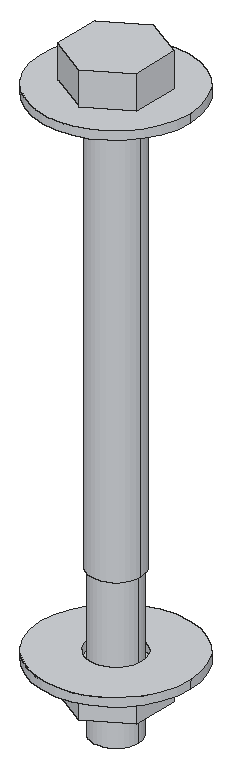
Revit family "Generic ISO Metric Bolt Assembly Geometry", category Generic Models, Revit 2022
Family settings
  Can host rebar = No
  Round Connector Dimension = Use Diameter
  Part Type = Normal
  Work Plane-Based = No
  Always vertical = No
  Cut with Voids When Loaded = No
  Maintain Annotation Orientation = No
  Shared = No
  Room Calculation Point = No
Parameters (values of type "generic")
  pg2l = if(LG < 23 mm, 2, if(LG < 100 mm, 5, 10))  # 10
  cu = round((0.1453 * (D / 1 mm) + 0.3479) * pu) / pu * 1 mm  # 2 mm
  cdu3 = 3 * D + round(0) * 1 mm  # 36 mm
  u = cu  # 2 mm
  cdu2 = round(1.8508 * D / 1 mm + 0.7401) * 1 mm  # 23 mm
  cdu1 = if(D < 11 mm, round(10 * 1.0382 * D / 1 mm + 0.1206) / 10 * 1 mm, D + 1 mm)  # 13 mm
  tabG2L = "Generic ISO Metric Bolt Assembly -- Grip to Length"  # constant formula
  s = size_lookup(tabMGeo, "s", cs, D)  # 19 mm
  ck = round(2 * (0.6216 * D / 1 mm + 0.2961)) / 2 * 1 mm  # 8 mm
  g2l = size_lookup(tabG2L, "l", LG + 2 * u + 2 * k, D, round(LG / 1 mm / pg2l) * pg2l * 1 mm)  # 140 mm
  pu = if(D < 10 mm, 10, if(D < 16 mm, 2, 1))  # 2
  pP = if(D < 6 mm, 10, if(D < 14 mm, 4, 2))  # 4
  cd2 = D - 3 * sqrt(3) / 8 * P  # 10.863 mm
  cb4 = 2 * D + 25 mm + round(0) * 1 mm  # 49 mm
  cb3 = 2 * D + 12 mm + round(0) * 1 mm  # 36 mm
  cb2 = 2 * D + 6 mm + round(0) * 1 mm  # 30 mm
  cb = if(Shank, if(l < 125 mm, cb2, if(l < 200 mm, cb3, cb4)), l - ca)  # 36 mm
  ca = round(2 * (0.7122 * (D / 1 mm) ^ 0.7822)) / 2 * 1 mm  # 5 mm
  Default Elevation = 0 mm
  cP = round(0.2365 * (D / 1 mm) ^ 0.7831 * pP) / pP * 1 mm  # 1.75 mm
  URL = "https://www.b-tu.de/en/fg-kommunikationstechnik/team/staff/prof-dr-ing-habil-matthias-wolff"
  P = size_lookup(tabMGeo, "P", cP, D)  # 1.75 mm
  Large Washers = yes
  LG = 120 mm
  cH = sqrt(3) / 2 * P  # 1.516 mm
  Manufacturer = "Matthias Wolff"  # constant formula
  D = 12 mm
  ru1 = cdu1 / 2  # 6.5 mm
  R = D / 2 + round(0) * 1 mm  # 6 mm
  tabMGeo = "ISO Metric Screw Thread"  # constant formula
  g = LG + round(0) * 1 mm  # 120 mm
  cs = round(1.5095 * D / 1 mm + 0.6456) * 1 mm  # 19 mm
  Grip = yes
  Thread Material = none
  Material = none
  l = if(Grip, g2l, LG)  # 140 mm
  r2 = cd2 / 2  # 5.432 mm
  k = size_lookup(tabMGeo, "k", ck, D)  # 8 mm
  ru2 = if(Large Washers, cdu3 / 2, cdu2 / 2)  # 18 mm
  Shank = yes
  Description = "Geometry of an ISO metric bolt assembly with washers and hex cap and nut"  # constant formula
Reference planes
  plane 1 "Mitte (Vorne/hinten)": y = 0
  plane 2 "Reference plane": z = 0
  plane 3 "Mitte (Links/rechts)": x = 0
  plane 4 "Head bottom": z = 2
  plane 5 "Head top": z = 10
  plane 6 "Lower washer top": z = -120
  plane 7 "Nut top": z = -122
  plane 8 "Nut bottom": z = -130
  plane 9 "Bolt bottom": z = -138
  plane 10 "Shank end": z = -102
  plane 11 "ru1": x = 6.5
  plane 12 "ru2": x = 18
  plane 13 "R": x = 6
  plane 14 "r2": x = 5.432
  plane 15 "Simplified bolt end": z = -138
Forms (mm)
  Sweep 1, solid, material <- "Material", detail levels medium+fine
    path origin (0, 0, 0) x (1, 0, 0) y (0, 0, 1)
      loop
        line (0, 2) -> (0, 10)
    profile "Hexagonal Profile : generic" origin (0, 0, 6) x (-1, 0, 0) y (0, -1, 0)
      loop
        line (-9.5, 5.485) -> (-9.5, -5.485) -> (0, -10.97) -> (9.5, -5.485) -> (9.5, 5.485) -> (0, 10.97) -> (-9.5, 5.485)
  Sweep 2, solid, material <- "Material", visible <- "Grip", detail levels medium+fine
    path origin (0, 0, -109.5) x (1, 0, 0) y (0, 0, 1)
      loop
        line (0, -20.5) -> (0, -12.5)
    profile "Hexagonal Profile : generic" origin (0, 0, -126) x (-1, 0, 0) y (0, -1, 0)
      loop
        line (-9.5, 5.485) -> (-9.5, -5.485) -> (0, -10.97) -> (9.5, -5.485) -> (9.5, 5.485) -> (0, 10.97) -> (-9.5, 5.485)
  Extrusion 3, void
    sketch origin (0, 0, 0) x (1, 0, 0) y (0, 1, 0)
      loop
        circle (0, 0) r 5.432
    from -130 to -122
  Extrusion 4, solid, material <- "Material", detail levels medium+fine
    sketch origin (0, 0, 0) x (1, 0, 0) y (0, 1, 0)
      loop
        circle (0, 0) r 18
      loop
        circle (0, 0) r 6.5
    from 0 to 2
  Extrusion 5, solid, material <- "Material", visible <- "Grip", detail levels medium+fine
    sketch origin (0, 0, 0) x (1, 0, 0) y (0, 1, 0)
      loop
        circle (0, 0) r 18
      loop
        circle (0, 0) r 6.5
    from -122 to -120
  Extrusion 6, solid, material <- "Material", detail levels fine
    sketch origin (0, 0, 0) x (1, 0, 0) y (0, 1, 0)
      loop
        circle (0, 0) r 6
    from -102 to 2
  Extrusion 7, solid, material <- "Thread Material", detail levels fine
    sketch origin (0, 0, 0) x (1, 0, 0) y (0, 1, 0)
      loop
        circle (0, 0) r 5.432
    from -138 to -102
  Extrusion 8, solid, material <- "Material", visible <- "Grip", detail levels medium
    sketch origin (0, 0, 0) x (1, 0, 0) y (0, 1, 0)
      loop
        circle (0, 0) r 5.432
    from -138 to -120
Cuts and joins
  Extrusion 3 cuts Sweep 1
  Extrusion 3 cuts Sweep 2
Dimensions and locks
  "u": plane 4 "Head bottom" to plane 2 "Reference plane"
  "k": plane 5 "Head top" to plane 4 "Head bottom"
  "g": plane 2 "Reference plane" to plane 6 "Lower washer top"
  "u": plane 6 "Lower washer top" to plane 7 "Nut top"
  "k": plane 7 "Nut top" to plane 8 "Nut bottom"
  "l": plane 4 "Head bottom" to plane 9 "Bolt bottom"
  "cb": plane 10 "Shank end" to plane 9 "Bolt bottom"
  "ru1": plane 11 "ru1" to plane 3 "Mitte (Links/rechts)"
  "ru2": plane 12 "ru2" to plane 3 "Mitte (Links/rechts)"
  "R": plane 13 "R" to plane 3 "Mitte (Links/rechts)"
  "r2": plane 14 "r2" to plane 3 "Mitte (Links/rechts)"
  "k": plane 8 "Nut bottom" to plane 15 "Simplified bolt end"
  "r2": radius of Extrusion 3 sketch curve
  "ru2": radius of Extrusion 4 sketch curve
  "ru1": radius of Extrusion 4 sketch curve
  "ru2": radius of Extrusion 5 sketch curve
  "ru1": radius of Extrusion 5 sketch curve
  "R": radius of Extrusion 6 sketch curve
  "r2": radius of Extrusion 7 sketch curve
  "r2": radius of Extrusion 8 sketch curve
  aligned and locked: plane 3 "Mitte (Links/rechts)" to Sweep 1 sketch curve
  aligned and locked: plane 5 "Head top" to Sweep 1 sketch curve
  aligned and locked: plane 3 "Mitte (Links/rechts)" to Extrusion 3 sketch curve
  aligned and locked: plane 1 "Mitte (Vorne/hinten)" to Extrusion 3 sketch curve
  aligned and locked: Extrusion 3 to plane 8 "Nut bottom"
  aligned and locked: plane 7 "Nut top" to Extrusion 3
  aligned and locked: plane 7 "Nut top" to cut or joined group of Sweep 2, Extrusion 3
  aligned and locked: plane 8 "Nut bottom" to Sweep 2 sketch curve
  aligned and locked: plane 4 "Head bottom" to cut or joined group of Sweep 1, Extrusion 3
  aligned and locked: plane 5 "Head top" to cut or joined group of Sweep 1, Extrusion 3
  aligned and locked: plane 8 "Nut bottom" to cut or joined group of Sweep 2, Extrusion 3
  aligned and locked: level to plane 2 "Reference plane"
  aligned and locked: plane 3 "Mitte (Links/rechts)" to Extrusion 4 sketch curve  (x2)
  aligned and locked: plane 1 "Mitte (Vorne/hinten)" to Extrusion 4 sketch curve  (x2)
  aligned and locked: plane 4 "Head bottom" to Extrusion 4
  aligned and locked: Extrusion 4 to plane 2 "Reference plane"
  aligned and locked: plane 3 "Mitte (Links/rechts)" to Extrusion 5 sketch curve  (x2)
  aligned and locked: plane 1 "Mitte (Vorne/hinten)" to Extrusion 5 sketch curve  (x2)
  aligned and locked: plane 6 "Lower washer top" to Extrusion 5
  aligned and locked: Extrusion 5 to plane 7 "Nut top"
  aligned and locked: plane 1 "Mitte (Vorne/hinten)" to Extrusion 6 sketch curve
  aligned and locked: plane 3 "Mitte (Links/rechts)" to Extrusion 6 sketch curve
  aligned and locked: plane 4 "Head bottom" to Extrusion 6
  aligned and locked: Extrusion 6 to plane 10 "Shank end"
  aligned and locked: plane 3 "Mitte (Links/rechts)" to Extrusion 7 sketch curve
  aligned and locked: plane 1 "Mitte (Vorne/hinten)" to Extrusion 7 sketch curve
  aligned and locked: plane 10 "Shank end" to Extrusion 7
  aligned and locked: Extrusion 7 to plane 9 "Bolt bottom"
  aligned and locked: plane 1 "Mitte (Vorne/hinten)" to Extrusion 8 sketch curve
  aligned and locked: Extrusion 8 to plane 15 "Simplified bolt end"
  aligned and locked: plane 6 "Lower washer top" to Extrusion 8
Automatic sketch dimensions
  Sweep 1 sketch curve to plane 4 "Head bottom" = 0 mm
  Sweep 2 sketch curve to plane 3 "Mitte (Links/rechts)" = 0 mm
  Sweep 2 sketch curve to plane 7 "Nut top" = 0 mm
  Extrusion 8 sketch curve to plane 3 "Mitte (Links/rechts)" = 0 mm
